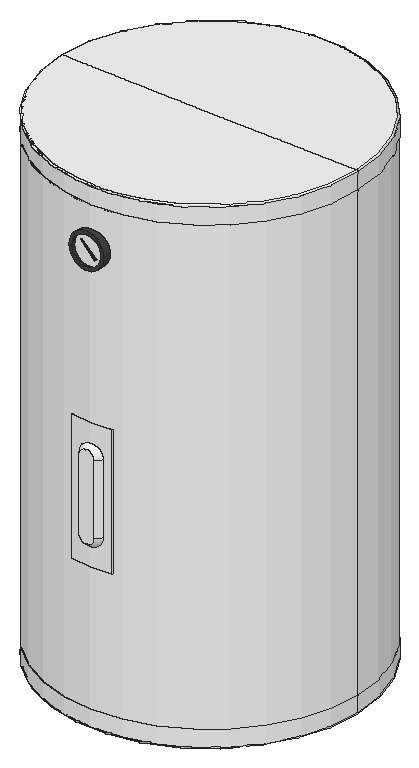
Revit family "M_PlumbingFixture_BIMUCSF_TermotanqueElectrico_85L", category Aparatos sanitarios, Revit 2022
Family settings
  Cota de conector redondo = Diámetro de uso
  Tipo de pieza = Normal
  Número OmniClass = 23.45.00.00
  Título OmniClass = Sanitary, Laundry, and Cleaning Equipment
  Se basa en plano de trabajo = No
  Siempre vertical = Sí
  Corte con vacíos al cargar = No
  Mantener orientación de anotación = No
  Compartido = No
  Punto de cálculo de habitación = No
Parameters
  URL = "bimplace.com.ar"
  Modelo = "Génerico"  # constant formula
  Fabricante = "BIM UCSF"  # constant formula
  Elevación por defecto = 0 mm
  Descripción = "Termotanque eléctrico 85 L"  # constant formula
Reference planes
  plane 1 "Centro (Frontal/Posterior)": y = 0
  plane 2: z = 0
  plane 3 "Centro (Izquierda/Derecha)": x = 0
  plane 4: z = 897
  plane 5: z = 867
  plane 6: z = 90
  plane 7: z = 60
Forms (mm)
  Extrusion 1, solid, material "Acero acabado 1"
    sketch origin (0, 0, 60) x (1, 0, 0) y (0, 1, 0)
      loop
        circle (0, 0) r 255
    from 30 to 807
  Revolve 2, solid, material "Acero acabado 1"
    sketch origin (0, 0, 60) x (1, 0, 0) y (0, 0, 1)
      loop
        line (0, 807) -> (0, 837) -> (-252.901, 837)
        arc (-252.901, 837) -> (-254.385, 836.385) -> (-255, 834.901) r 2.099
        line (-255, 834.901) -> (-255, 807) -> (0, 807)
      axis (0, 837) -> (0, 807)
    angle from 0 to 360
  Revolve 3, solid, material "Acero acabado 1"
    sketch origin (0, 0, 1056.002) x (1, 0, 0) y (0, 0, 1)
      loop
        line (0, -966.002) -> (-255, -966.002) -> (-255, -993.903)
        arc (-255, -993.903) -> (-254.385, -995.387) -> (-252.901, -996.002) r 2.099
        line (-252.901, -996.002) -> (0, -996.002) -> (0, -966.002)
      axis (0, -996.002) -> (0, -966.002)
    angle from 0 to 360
  Extrusion 4, solid, material "Acero acabado 1"
    sketch origin (0, 0, 60) x (1, 0, 0) y (0, 1, 0)
      loop
        line (-35, -252.587) -> (-35, -253.546)
        arc (-35, -253.546) -> (0, -255.959) -> (35, -253.546) r 255
        line (35, -253.546) -> (35, -252.587)
        arc (35, -252.587) -> (0, -255) -> (-35, -252.587) r 255
    from 250.233 to 471.63
  Blend 5, solid, material "Acero acabado 1"
    base sketch origin (0, 0, 60) x (1, 0, 0) y (0, 0, 1)
      loop
        arc (-20, 300.932) -> (0, 280.932) -> (20, 300.932) r 20
        line (20, 300.932) -> (20, 420.932)
        arc (20, 420.932) -> (0, 440.932) -> (-20, 420.932) r 20
        line (-20, 420.932) -> (-20, 300.932)
    top sketch origin (0, 0, 60) x (1, 0, 0) y (0, 0, 1)
      loop
        line (-13, 420.932) -> (-13, 300.932)
        arc (-13, 300.932) -> (0, 287.932) -> (13, 300.932) r 13
        line (13, 300.932) -> (13, 420.932)
        arc (13, 420.932) -> (0, 433.932) -> (-13, 420.932) r 13
    from 255.1 to 264.759
  Extrusion 6, solid, material "Plástico 3"
    sketch origin (0, 0, 60) x (1, 0, 0) y (0, 0, 1)
      loop
        circle (0, 740.504) r 25
    from 255.089 to 260.301
  Extrusion 7, solid, material "Plástico 1"
    sketch origin (0, 0, 60) x (1, 0, 0) y (0, 0, 1)
      loop
        circle (0, 740.504) r 25
      loop
        circle (0, 740.504) r 30
    from 252.587 to 264.759
  Extrusion 8, solid, material "Plástico 2"
    sketch origin (0, 0, 60) x (1, 0, 0) y (0, 0, 1)
      loop
        line (11.19, 726.693) -> (13.81, 729.314) -> (-12.5, 753.004) -> (11.19, 726.693)
    from 260.301 to 261.242
  Extrusion 9, solid, material "Acero 2"
    sketch origin (-23.753, 0, 0) x (1, 0, 0) y (0, 1, 0)
      loop
        circle (-48.247, 0) r 9.5
    from 20.4 to 60
  Extrusion 10, solid, material "Acero 2"
    sketch origin (23.753, 0, 0) x (-1, 0, 0) y (0, -1, 0)
      loop
        circle (-48.247, 0) r 9.5
    from 20.4 to 60
  Extrusion 11, solid, material "Acero 2"
    sketch origin (-2.5, 0, 0) x (1, 0, 0) y (0, 1, 0)
      loop
        circle (-69.5, 0) r 15
    from 60 to 58.476
  Extrusion 12, solid, material "Acero 2"
    sketch origin (141.5, 0, 0) x (1, 0, 0) y (0, 1, 0)
      loop
        circle (-69.5, 0) r 15
    from 58.476 to 60
  Extrusion 13, solid, material "Plástico 1"
    sketch origin (0, 0, 0) x (1, 0, 0) y (0, 1, 0)
      loop
        line (-50, 164.646) -> (-50, 114.646) -> (50, 114.646) -> (50, 164.646) -> (-50, 164.646)
    from 40.2 to 60
  Extrusion 14, solid, material "Acero 2"
    sketch origin (0, 0, -1.25) x (0, 1, 0) y (0, 0, 1)
      loop
        circle (0, 40.903) r 6.042
    from 79.05 to 111.5
  Extrusion 15, solid, material "Plástico 1"
    sketch origin (11.676, -0.973, -1.25) x (1, 0, 0) y (0, 0, 1)
      loop
        line (99.824, 40.351) -> (101.456, 40.351)
        arc (101.456, 40.351) -> (102.533, 40.797) -> (102.98, 41.875) r 1.523
        line (102.98, 41.875) -> (101.936, 56.392)
        arc (101.936, 56.392) -> (101.59, 57.116) -> (100.842, 57.41) r 1.097
        line (100.842, 57.41) -> (99.824, 57.41) -> (99.824, 40.351)
    from -3.085 to 1.14
  Extrusion 16, solid, material "Acero 2"
    sketch origin (16.686, 0, 0) x (1, 0, 0) y (0, 1, 0)
      loop
        circle (89.814, 0) r 5
    from 20.4 to 36.672
Cuts and joins
  joined: Extrusion 10, Extrusion 14, Extrusion 16
Dimensions and locks
  aligned and locked: level to plane 2
Connectors
  piping at (72, 0, 20.4), diameter 9.5
    settings: on cut or joined group of Extrusion 10, Extrusion 14, Extrusion 16, index 1, connector inside diameter 609.6 mm, connector length 0 mm, flow factor 0, pipe flow 0.0 L/s, pressure drop 0.0 Pa, fitting loss kfactor 0, connector angle 0.00°, fixture units 0, engagement length 0 mm, angle of deflection 0.00°, flow configuration 0, flow direction 2, fitting loss method 0, system type 19, joint type 0, gender type 0, connector reference index -1, connector utility 0, adjustable connector no, is connector primary yes, connector description ""
  piping at (-72, 0, 20.4), diameter 19
    settings: on Extrusion 9, index 2, connector inside diameter 609.6 mm, connector length 0 mm, flow factor 0, pipe flow 0.0 L/s, pressure drop 0.0 Pa, fitting loss kfactor 0, connector angle 0.00°, fixture units 0, engagement length 0 mm, angle of deflection 0.00°, flow configuration 0, flow direction 1, fitting loss method 0, system type 20, joint type 0, gender type 0, connector reference index -1, connector utility 0, adjustable connector no, is connector primary no, connector description ""
  electrical at (0, 139.646, 40.2)
    settings: on Extrusion 13, index 3, voltage 220 V, apparent load 2000 VA, apparent load phase1 0 VA, apparent load phase2 0 VA, apparent load phase3 0 VA, power factor 1, load classification "Potencia", number of poles 1, system type 30, power factor state 1, is connector primary yes, connector utility no, sub classification motor no, connector description ""
